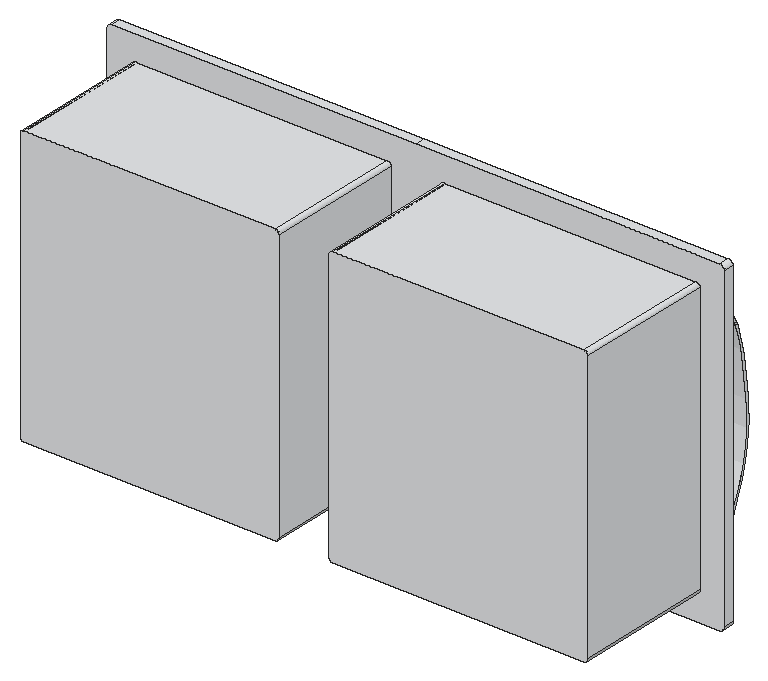
Revit family "Twin Recessed Toilet Paper Dispenser Holder_IN Final", category Generic Models, host Wall, Revit 2017
Family settings
  Host = Wall
  Can host rebar = No
  Round Connector Dimension = Use Diameter
  Part Type = Normal
  Always vertical = Yes
  Cut with Voids When Loaded = No
  Shared = No
  Room Calculation Point = No
Parameters (values of type "Type 1")
  Website = "https://dolphy.in/"  # constant formula
  Contact number = "+91 9520202035"  # constant formula
  Contact email = "info@dolphy.in"  # constant formula
  Company name = "Dolphy India"  # constant formula
Reference planes
  plane 1 "Wall": y = 0
  plane 2 "Center (Left/Right)": x = 125
  plane 3 "Back": y = 75
Forms (mm)
  Extrusion 1, void
    sketch origin (0, 0, 0) x (1, 0, 0) y (0, 0, 1)
      loop
        line (267.5, 152.5) -> (-17.5, 152.5) -> (-17.5, 12.5) -> (267.5, 12.5) -> (267.5, 152.5)
    from -75 to -5
Text (mm)
  text "Placement Side" at (-1848.837, 1116.779, 0), in view "Ref. Level"
  text "Placement side" at (0, 1409.804, 2854.306), in view "Left"
  text "Placement side" at (0, 499.811, 2980.732), in view "Right"
Dimensions and locks
  locked: plane 3 "Back" to host wall
  host wall to host wall = 410 mm
  aligned and locked: plane 1 "Wall" to host wall
  aligned and locked: nested 1 to plane 2 "Center (Left/Right)"
  aligned and locked: nested 1 to plane 3 "Back"
  aligned and locked: host wall to Extrusion 1
  aligned and locked: Extrusion 1 to nested 1  (x5)
Nested families
  nested 1: "Twin Recessed Toilet Paper Dispenser Holder_IN" at (125, 75, 0) x (-1, 0, 0) z (0, 0, 1), type "Twin Recessed Toilet Paper Dispenser Holder_IN"
Definition of nested family "Twin Recessed Toilet Paper Dispenser Holder_IN"
  Parameters (values of type "Twin Recessed Toilet Paper Dispenser Holder_IN")
    Website = "https://dolphy.in/"  # constant formula
    M&L = none
    Contact number = "+91 9520202035"  # constant formula
    Contact email = "info@dolphy.in"  # constant formula
    Company name = "Dolphy India"  # constant formula
  Reference planes
    plane 1 "Center (Front/Back)": y = 0
    plane 2: z = 0
    plane 3 "Center (Left/Right)": x = 0
  Forms (mm)
    Extrusion 1, solid, material <- "M&L"
      sketch origin (0, 0, 0) x (1, 0, 0) y (0, 0, 1)
        loop
          line (-152.5, 0) -> (0, 0) -> (152.5, 0)
          arc (152.5, 0) -> (154.268, 0.732) -> (155, 2.5) r 2.5
          line (155, 2.5) -> (155, 162.5)
          arc (155, 162.5) -> (154.268, 164.268) -> (152.5, 165) r 2.5
          line (152.5, 165) -> (0, 165) -> (-152.518, 165)
          arc (-152.518, 165) -> (-154.273, 164.273) -> (-155, 162.518) r 2.482
          line (-155, 162.518) -> (-155, 2.5)
          arc (-155, 2.5) -> (-154.268, 0.732) -> (-152.5, 0) r 2.5
      from 0 to 5
    Extrusion 2, void
      sketch origin (0, -5, 0) x (-1, 0, 0) y (0, 0, 1)
        loop
          arc (141.5, 150.5) -> (141.207, 151.207) -> (140.5, 151.5) r 1
          line (140.5, 151.5) -> (14.5, 151.5)
          arc (14.5, 151.5) -> (13.793, 151.207) -> (13.5, 150.5) r 1
          line (13.5, 150.5) -> (13.5, 14.5)
          arc (13.5, 14.5) -> (13.793, 13.793) -> (14.5, 13.5) r 1
          line (14.5, 13.5) -> (140.5, 13.5)
          arc (140.5, 13.5) -> (141.207, 13.793) -> (141.5, 14.5) r 1
          line (141.5, 14.5) -> (141.5, 150.5)
        loop
          line (-13.5, 14.5) -> (-13.5, 150.5)
          arc (-13.5, 150.5) -> (-13.793, 151.207) -> (-14.5, 151.5) r 1
          line (-14.5, 151.5) -> (-140.5, 151.5)
          arc (-140.5, 151.5) -> (-141.207, 151.207) -> (-141.5, 150.5) r 1
          line (-141.5, 150.5) -> (-141.5, 14.5)
          arc (-141.5, 14.5) -> (-141.207, 13.793) -> (-140.5, 13.5) r 1
          line (-140.5, 13.5) -> (-14.5, 13.5)
          arc (-14.5, 13.5) -> (-13.793, 13.793) -> (-13.5, 14.5) r 1
      from 0 to 5
    Extrusion 3, solid, material <- "M&L"
      sketch origin (0, 0, 0) x (-1, 0, 0) y (0, 0, 1)
        loop
          line (-142.5, 150.5) -> (-142.5, 14.5)
          arc (-142.5, 14.5) -> (-141.914, 13.086) -> (-140.5, 12.5) r 2
          line (-140.5, 12.5) -> (-14.5, 12.5)
          arc (-14.5, 12.5) -> (-13.086, 13.086) -> (-12.5, 14.5) r 2
          line (-12.5, 14.5) -> (-12.5, 150.5)
          arc (-12.5, 150.5) -> (-13.086, 151.914) -> (-14.5, 152.5) r 2
          line (-14.5, 152.5) -> (-140.5, 152.5)
          arc (-140.5, 152.5) -> (-141.914, 151.914) -> (-142.5, 150.5) r 2
        loop
          line (12.5, 150.5) -> (12.5, 14.5)
          arc (12.5, 14.5) -> (13.086, 13.086) -> (14.5, 12.5) r 2
          line (14.5, 12.5) -> (140.5, 12.5)
          arc (140.5, 12.5) -> (141.914, 13.086) -> (142.5, 14.5) r 2
          line (142.5, 14.5) -> (142.5, 150.5)
          arc (142.5, 150.5) -> (141.914, 151.914) -> (140.5, 152.5) r 2
          line (140.5, 152.5) -> (14.5, 152.5)
          arc (14.5, 152.5) -> (13.086, 151.914) -> (12.5, 150.5) r 2
        loop
          line (-141.5, 150.5) -> (-141.5, 14.5)
          arc (-141.5, 14.5) -> (-141.207, 13.793) -> (-140.5, 13.5) r 1
          line (-140.5, 13.5) -> (-14.5, 13.5)
          arc (-14.5, 13.5) -> (-13.793, 13.793) -> (-13.5, 14.5) r 1
          line (-13.5, 14.5) -> (-13.5, 150.5)
          arc (-13.5, 150.5) -> (-13.793, 151.207) -> (-14.5, 151.5) r 1
          line (-14.5, 151.5) -> (-140.5, 151.5)
          arc (-140.5, 151.5) -> (-141.207, 151.207) -> (-141.5, 150.5) r 1
        loop
          arc (13.5, 14.5) -> (13.793, 13.793) -> (14.5, 13.5) r 1
          line (14.5, 13.5) -> (140.5, 13.5)
          arc (140.5, 13.5) -> (141.207, 13.793) -> (141.5, 14.5) r 1
          line (141.5, 14.5) -> (141.5, 150.5)
          arc (141.5, 150.5) -> (141.207, 151.207) -> (140.5, 151.5) r 1
          line (140.5, 151.5) -> (14.5, 151.5)
          arc (14.5, 151.5) -> (13.793, 151.207) -> (13.5, 150.5) r 1
          line (13.5, 150.5) -> (13.5, 14.5)
      from 0 to 70
    Extrusion 4, solid, material <- "M&L"
      sketch origin (0, 70, 0) x (-1, 0, 0) y (0, 0, 1)
        loop
          line (-14.5, 151.5) -> (-140.5, 151.5)
          arc (-140.5, 151.5) -> (-141.207, 151.207) -> (-141.5, 150.5) r 1
          line (-141.5, 150.5) -> (-141.5, 14.5)
          arc (-141.5, 14.5) -> (-141.207, 13.793) -> (-140.5, 13.5) r 1
          line (-140.5, 13.5) -> (-14.5, 13.5)
          arc (-14.5, 13.5) -> (-13.793, 13.793) -> (-13.5, 14.5) r 1
          line (-13.5, 14.5) -> (-13.5, 150.5)
          arc (-13.5, 150.5) -> (-13.793, 151.207) -> (-14.5, 151.5) r 1
        loop
          line (14.5, 13.5) -> (140.5, 13.5)
          arc (140.5, 13.5) -> (141.207, 13.793) -> (141.5, 14.5) r 1
          line (141.5, 14.5) -> (141.5, 150.5)
          arc (141.5, 150.5) -> (141.207, 151.207) -> (140.5, 151.5) r 1
          line (140.5, 151.5) -> (14.5, 151.5)
          arc (14.5, 151.5) -> (13.793, 151.207) -> (13.5, 150.5) r 1
          line (13.5, 150.5) -> (13.5, 14.5)
          arc (13.5, 14.5) -> (13.793, 13.793) -> (14.5, 13.5) r 1
      from 0 to -0.8
    Sweep 5, solid, material <- "M&L"
      path in 3D
        loop
          line (-140.5, -5, 151.5) -> (-14.5, -5, 151.5)
      profile origin (-77.5, -5, 151.5) x (0, -1, 0) y (0, 0, -1)
        loop
          spline (-0.547, 0.164) -> (10.776, 12.717) -> (17.879, 23.295) -> (22.032, 32.838) -> (24.306, 41.899) -> (25.609, 50.724) -> (26.768, 59.56) -> (27.715, 68.761) -> (27.82, 78.747) -> (26.443, 89.943) -> (22.918, 102.907) -> (16.545, 118.392) -> (6.621, 137.164)
          arc (6.621, 137.164) -> (6.055, 137.343) -> (5.928, 136.764) r 0.402
          spline (5.928, 136.764) -> (15.822, 118.05) -> (22.161, 102.651) -> (25.659, 89.784) -> (27.021, 78.707) -> (26.917, 68.818) -> (25.973, 59.656) -> (24.817, 50.832) -> (23.519, 42.044) -> (21.27, 33.084) -> (17.182, 23.688) -> (10.147, 13.21) -> (-1.113, 0.73)
          line (-1.113, 0.73) -> (-0.547, 0.164)
    Sweep 6, solid, material <- "M&L"
      path in 3D
        loop
          line (140.5, -5, 151.5) -> (14.5, -5, 151.5)
      profile origin (77.5, -5, 151.5) x (0, 1, 0) y (0, 0, -1)
        loop
          line (0.547, 0.164) -> (1.113, 0.73)
          spline (1.113, 0.73) -> (-10.147, 13.21) -> (-17.182, 23.688) -> (-21.27, 33.084) -> (-23.519, 42.044) -> (-24.817, 50.832) -> (-25.973, 59.656) -> (-26.917, 68.818) -> (-27.021, 78.707) -> (-25.659, 89.784) -> (-22.161, 102.651) -> (-15.822, 118.05) -> (-5.928, 136.764)
          arc (-5.928, 136.764) -> (-6.055, 137.343) -> (-6.621, 137.164) r 0.402
          spline (-6.621, 137.164) -> (-16.545, 118.392) -> (-22.918, 102.907) -> (-26.443, 89.943) -> (-27.82, 78.747) -> (-27.715, 68.761) -> (-26.768, 59.56) -> (-25.609, 50.724) -> (-24.306, 41.899) -> (-22.032, 32.838) -> (-17.879, 23.295) -> (-10.776, 12.717) -> (0.547, 0.164)
  Cuts and joins
    Extrusion 2 cuts Extrusion 1
    joined: Extrusion 1, Extrusion 3, Extrusion 4
  Lines and regions (mm)
    sketch lines
      curve 1: line (-140.5, -5, 151.5) -> (-14.5, -5, 151.5)
      curve 2: line (140.5, -5, 151.5) -> (14.5, -5, 151.5)
  Dimensions and locks
    cut or joined group of Extrusion 1, Extrusion 2, Extrusion 3, Extrusion 4 to cut or joined group of Extrusion 1, Extrusion 2, Extrusion 3, Extrusion 4 = 310 mm
    cut or joined group of Extrusion 1, Extrusion 2, Extrusion 3, Extrusion 4 to cut or joined group of Extrusion 1, Extrusion 2, Extrusion 3, Extrusion 4 = 165 mm
    cut or joined group of Extrusion 1, Extrusion 2, Extrusion 3, Extrusion 4 to Extrusion 3 = 75 mm
    cut or joined group of Extrusion 1, Extrusion 2, Extrusion 3, Extrusion 4 to cut or joined group of Extrusion 1, Extrusion 2, Extrusion 3, Extrusion 4 = 5 mm
    cut or joined group of Extrusion 1, Extrusion 2, Extrusion 3, Extrusion 4 to cut or joined group of Extrusion 1, Extrusion 2, Extrusion 3, Extrusion 4 = 75 mm
    cut or joined group of Extrusion 1, Extrusion 2, Extrusion 3, Extrusion 4 to cut or joined group of Extrusion 1, Extrusion 2, Extrusion 3, Extrusion 4 = 140 mm
    aligned and locked: level to plane 2
